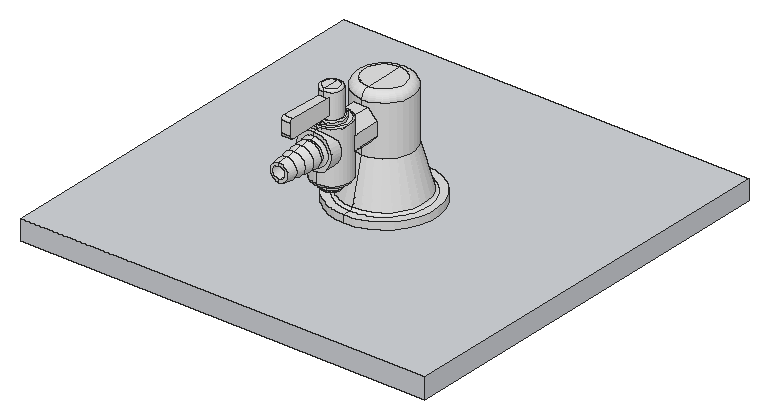
Revit family
Parameters (values of type "TG37C")
  WELSRating_ANZRS = ""
  URL = "www.galvinengineering.com.au"
  Type Comments = "Recommended Working Pressure 1 to 3 kPa (AS 5601)"
  TurretType = Straight Turret : Straight Turret
  StyleOrType_ANZRS = "Plumbing Fixture"
  PlumbingMaterial_ANZRS = Metal_Taps_DR-Brass-with-Chrome-Finish_10800
  Outlet = "Straight Turret"
  ModifiedIssue_ANZRS = 20120407.01  # constant formula
  Model = "TG37C"
  MinimumTemperature = 0 °C
  MinimumPressure = 0.00 kPa
  MaximumTemperature = 60 °C
  MaximumPressure = 7.00 kPa
  Manufacturer = "Galvin Engineering"
  Keynote = "10800"
  Instructions = "http://www.galvinengineering.com.au/Installation_Guides_1.aspx"
  Inlet = "15 BSP Male (15mm BSP female inlet available on request)"
  FlowRate = 0.023 m³/h
  FilterObject_ANZRS = "TG37"
  Description = "CP Lab 1-Way Straight Turret Type 37"
  Default Elevation = 900 mm
  CreatedBy_ANZRS = "Galvin Engineering"
  CreatedByURL_ANZRS = "www.galvinengineering.com.au"
  CreatedByPhoneNo_ANZRS = "61-8-92495900"
  Circulation_ANZRS = yes
  Assembly Code = "D2090100"
Types (5, lengths in mm): name | TurretType | PlumbingMaterial_ANZRS | Outlet | Model | Description
  (no name) | Straight Turret : Straight Turret | Metal_Taps_DR-Brass-with-Chrome-Finish_10800 | "Straight Turret" | "TG37C" | "CP Lab 1-Way Straight Turret Type 37"
  TG37C | Straight Turret : Straight Turret | Metal_Taps_DR-Brass-with-Chrome-Finish_10800 | "Straight Turret" | "TG37C" | "CP Lab 1-Way Straight Turret Type 37"
  TG37RAC | Right Angle Turret : Right Angle Turret | Metal_Taps_DR-Brass-with-Chrome-Finish_10800 | "Right Angle Turret" | "TG37RAC" | "CP Lab 1-Way Right Angle Turret Type 37"
  TG37E | Straight Turret : Straight Turret | Metal_Taps_DR-Brass-with-Epoxy-Coating_10800 | "Straight Turret" | "TG37E" | "Epoxy Coated Lab 1-Way Straight Turret Type 37"
  TG37RAE | Right Angle Turret : Right Angle Turret | Metal_Taps_DR-Brass-with-Epoxy-Coating_10800 | "Right Angle Turret" | "TG37RAE" | "Epoxy Coated Lab 1-Way Right Angle Turret Type 37"
Reference planes
  plane 1 "Center (Front/Back)": y = 0
  plane 2 "Face": z = 0
  plane 3 "Center (Left/Right)": x = 0
Forms (mm)
  Extrusion 1, solid
    sketch origin (0, -919.2, 0) x (1, 0, 0) y (0, 1, 0)
      loop
        line (-100, 1019.2) -> (-100, 819.2) -> (100, 819.2) -> (100, 1019.2) -> (-100, 1019.2)
    from 0 to -10
  Revolve 2, solid, material "Metal_Taps_DR-Brass-with-Chrome-Finish_10800" <- "PlumbingMaterial_ANZRS"
    sketch origin (0, 0, 0) x (0, -1, 0) y (0, 0, 1)
      loop
        line (-13.85, 25.5) -> (-19.692, 4.793)
        arc (-19.692, 4.793) -> (-20.23, 4.004) -> (-21.135, 3.7) r 1.5
        line (-21.135, 3.7) -> (-25, 3.7) -> (-25, 0) -> (0, 0) -> (0, 54) -> (-9.85, 54)
        arc (-9.85, 54) -> (-12.678, 52.828) -> (-13.85, 50) r 4
        line (-13.85, 50) -> (-13.85, 25.5)
      axis (0, 54) -> (0, 0)
    angle from 0 to 360
  Extrusion 3, solid, material "Metal_Taps_DR-Brass-with-Chrome-Finish_10800" <- "PlumbingMaterial_ANZRS"
    sketch origin (0, 0, 0) x (1, 0, 0) y (0, 0, 1)
      loop
        circle (0, 40.019) r 4.85
    from 11.787 to 14.646
Cuts and joins
  joined: Revolve 2, Extrusion 3
Lines and regions (mm)
  symbolic lines, style "Taps/Mixers"
    curve 1: arc (0, 21.135, 3.7) -> (0, 20.23, 4.004) -> (0, 19.692, 4.793) r 1.5
    curve 2: arc (0, -19.692, 4.793) -> (0, -20.23, 4.004) -> (0, -21.135, 3.7) r 1.5
    curve 3: arc (0, -13.85, 50) -> (0, -12.678, 52.828) -> (0, -9.85, 54) r 4
    curve 4: arc (0, 9.85, 54) -> (0, 12.678, 52.828) -> (0, 13.85, 50) r 4
    curve 5: line (0, -19.692, 4.793) -> (0, -13.85, 25.5)
    curve 6: line (0, -13.85, 25.5) -> (0, 13.85, 25.5)
    curve 7: line (0, 19.692, 4.793) -> (0, 13.85, 25.5)
    curve 8: line (0, -25, 3.7) -> (0, -25, 0)
    curve 9: line (0, 25, 0) -> (0, 25, 3.7)
    curve 10: line (0, 25, 3.7) -> (0, -25, 3.7)
    curve 11: line (0, 13.85, 25.5) -> (0, 13.85, 50)
    curve 12: line (0, -13.85, 25.5) -> (0, -13.85, 50)
    curve 13: line (0, 9.85, 54) -> (0, -9.85, 54)
    curve 14: line (0, -25, 0) -> (0, 25, 0)
    curve 15: arc (8, -18.581, 0) -> (0, 20.23, 0) -> (-8, -18.581, 0) r 20.23
    curve 16: circle (0, 0, 0) r 13.85 normal (0, 0, 1)
    curve 17: arc (8, -24.213, 0) -> (0, 25.5, 0) -> (-8, -24.213, 0) r 25.5
    curve 18: arc (-21.135, 0, 3.7) -> (-20.23, 0, 4.004) -> (-19.692, 0, 4.793) r 1.5
    curve 19: arc (19.692, 0, 4.793) -> (20.23, 0, 4.004) -> (21.135, 0, 3.7) r 1.5
    curve 20: arc (13.85, 0, 50) -> (12.678, 0, 52.828) -> (9.85, 0, 54) r 4
    curve 21: arc (-9.85, 0, 54) -> (-12.678, 0, 52.828) -> (-13.85, 0, 50) r 4
    curve 22: line (19.692, 0, 4.793) -> (13.85, 0, 25.5)
    curve 23: line (-19.692, 0, 4.793) -> (-13.85, 0, 25.5)
    curve 24: line (25, 0, 3.7) -> (25, 0, 0)
    curve 25: line (-25, 0, 0) -> (-25, 0, 3.7)
    curve 26: line (-25, 0, 3.7) -> (25, 0, 3.7)
    curve 27: line (-13.85, 0, 25.5) -> (-13.85, 0, 50)
    curve 28: line (13.85, 0, 25.5) -> (13.85, 0, 50)
    curve 29: line (-9.85, 0, 54) -> (-5.002, 0, 54)
    curve 30: line (25, 0, 0) -> (-25, 0, 0)
    curve 31: line (13.85, 0, 25.5) -> (9, 0, 25.5)
    curve 34: line (0, -14.646, 35.155) -> (0, -13.85, 35.155)
    curve 35: line (0, -13.85, 44.883) -> (0, -14.646, 44.883)
    curve 36: line (-4.85, -14.646, 0) -> (-4.85, -12.973, 0)
    curve 37: line (4.85, -14.646, 0) -> (4.85, -12.973, 0)
    curve 38: line (-9.01, 0, 25.5) -> (-13.85, 0, 25.5)
    curve 39: line (4.995, 0, 54) -> (9.85, 0, 54)
  symbolic lines, style "Taps/Mixers", detail levels fine
    curve 32: line (0, -13.85, 44.302) -> (0, -14.646, 44.883)
    curve 33: line (0, -14.646, 35.155) -> (0, -13.85, 35.736)
Dimensions and locks
  aligned and locked: plane 2 "Face" to Extrusion 1
  aligned and locked: level to Extrusion 1
Nested families
  nested 1: "Straight Turret" at (0, -14.65, 40), type <- "TurretType", type "Straight Turret"
Connectors
  piping at (0, 0, 0), driven by "FlowRate"
    settings: on cut or joined group of Revolve 2, Extrusion 3, index 1, connector radius 0.29528", flow factor 0, pipe flow 0.023 m³/h, pressure drop 0.00 kPa, fitting loss kfactor 0, connector angle 0.00°, fixture units 0, flow configuration 1, flow direction 1, fitting loss method 0, system type 22, connector reference index -1, connector utility 0, adjustable connector no, is connector primary yes, fitting loss table "", connector description "Gas"
Definition of nested family "Straight Turret"
  Parameters (values of type "X_StraightTurret")
    PlumbingMaterial_ANZRS = Metal_Taps_DR-Brass-with-Chrome-Finish_10800
    Assembly Code = ""
  Reference planes
    plane 1 "Center (Front/Back)": y = 0
    plane 2: z = 0
    plane 3 "Center (Left/Right)": x = 0
  Forms (mm)
    Revolve 1, solid, material "Metal_Taps_DR-Brass-with-Chrome-Finish_10800" <- "PlumbingMaterial_ANZRS"
      sketch origin (0, 14.646, -40.019) x (0, -1, 0) y (0, 0, 1)
        loop
          line (36.646, 65) -> (32.646, 65) -> (32.646, 24.019) -> (41.146, 24.019)
          arc (41.146, 24.019) -> (41.5, 24.165) -> (41.646, 24.519) r 0.5
          line (41.646, 24.519) -> (41.646, 50.019)
          arc (41.646, 50.019) -> (41.5, 50.372) -> (41.146, 50.519) r 0.5
          line (41.146, 50.519) -> (39.146, 50.519) -> (39.146, 51.519)
          arc (39.146, 51.519) -> (39, 51.872) -> (38.646, 52.019) r 0.5
          line (38.646, 52.019) -> (37.646, 52.019) -> (37.646, 64)
          arc (37.646, 64) -> (37.353, 64.707) -> (36.646, 65) r 1
        loop
          line (32.646, 19.519) -> (36.646, 19.519)
          arc (36.646, 19.519) -> (37, 19.665) -> (37.146, 20.019) r 0.5
          line (37.146, 20.019) -> (37.146, 21.269) -> (32.646, 21.269) -> (32.646, 19.519)
        axis (32.646, 65) -> (32.646, 19.519)
      angle from 0 to 360
    Extrusion 2, solid, material "Metal_Taps_DR-Brass-with-Chrome-Finish_10800" <- "PlumbingMaterial_ANZRS"
      sketch origin (0, 14.646, -96.882) x (1, 0, 0) y (0, 0, 1)
        loop
          line (-8, 93.568) -> (-3.314, 88.882) -> (3.314, 88.882) -> (8, 93.568) -> (8, 100.196) -> (3.314, 104.882) -> (-3.314, 104.882) -> (-8, 100.196) -> (-8, 93.568)
      from 14.646 to 32.646
    Extrusion 3, solid, material "Metal_Taps_DR-Brass-with-Chrome-Finish_10800" <- "PlumbingMaterial_ANZRS"
      sketch origin (0, 95.559, -40.019) x (0, -1, 0) y (1, 0, 0)
        loop
          line (111.178, -5.75) -> (115.941, -5.75) -> (119.309, -2.382) -> (119.309, 2.382) -> (115.941, 5.75) -> (111.178, 5.75) -> (107.809, 2.382) -> (107.809, -2.382) -> (111.178, -5.75)
      from 21.269 to 24.019
    Revolve 4, solid, material "Metal_Taps_DR-Brass-with-Chrome-Finish_10800" <- "PlumbingMaterial_ANZRS"
      sketch origin (0, 14.646, -40.019) x (0, -1, 0) y (0, 0, 1)
        loop
          line (43.5, 48.769) -> (37.728, 48.769) -> (37.728, 40.019) -> (47, 40.019) -> (47, 43.019) -> (65, 43.019) -> (65, 44.319) -> (60.5, 45.019) -> (60.5, 44.219) -> (56, 45.519) -> (56, 44.719) -> (51.5, 46.019) -> (51.5, 45.219) -> (47, 46.219) -> (47, 45.419) -> (45, 45.419)
          arc (45, 45.419) -> (43.939, 45.858) -> (43.5, 46.919) r 1.5
          line (43.5, 46.919) -> (43.5, 48.769)
        axis (65, 40.019) -> (37.728, 40.019)
      angle from 0 to 360
    Extrusion 5, solid, material "Metal_Taps_DR-Brass-with-Chrome-Finish_10800" <- "PlumbingMaterial_ANZRS"
      sketch origin (0, 14.646, -40.019) x (0, -1, 0) y (0, 0, 1)
        loop
          line (32.646, 61.44) -> (32.646, 54.079) -> (59.103, 53.313)
          arc (59.103, 53.313) -> (60.191, 53.737) -> (60.646, 54.813) r 1.5
          line (60.646, 54.813) -> (60.646, 60.706)
          arc (60.646, 60.706) -> (60.191, 61.782) -> (59.103, 62.205) r 1.5
          line (59.103, 62.205) -> (32.646, 61.44)
      from -2.248 to 2.252
  Cuts and joins
    joined: Revolve 1, Extrusion 2, Revolve 4, Extrusion 5
  Lines and regions (mm)
    symbolic lines, style "Taps/Mixers"
      curve 1: arc (0, -14, 24.981) -> (0, -13.293, 24.688) -> (0, -13, 23.981) r 1
      curve 2: arc (0, -13.5, -20) -> (0, -13.646, -20.354) -> (0, -14, -20.5) r 0.5
      curve 3: arc (0, -12.25, -18.25) -> (0, -13.875, -18.75) -> (0, -15.5, -18.25) r 2.89
      curve 4: arc (0, -9, 8) -> (0, -10.372, 5.365) -> (0, -12.457, 3.25) r 10
      curve 5: arc (0, -12.75, -15.5) -> (0, -12.896, -15.854) -> (0, -13.25, -16) r 0.5
      curve 6: arc (0, -9, -10.5) -> (0, -9.146, -10.854) -> (0, -9.5, -11) r 0.5
      curve 7: arc (0, -12.442, -3.239) -> (0, -10.363, -5.361) -> (0, -9, -8) r 10
      curve 8: arc (0, -12.75, -11.5) -> (0, -12.604, -11.146) -> (0, -12.25, -11) r 0.5
      curve 9: arc (0, -9.5, 10.5) -> (0, -9.146, 10.354) -> (0, -9, 10) r 0.5
      curve 10: arc (0, -12, 12) -> (0, -11.646, 11.854) -> (0, -11.5, 11.5) r 0.5
      curve 11: arc (0, -27, 8.75) -> (0, -23.082, 0) -> (0, -27, -8.75) r 11.73
      curve 12: arc (0, -22, -20.5) -> (0, -22.354, -20.354) -> (0, -22.5, -20) r 0.5
      curve 13: arc (0, -20.5, -18.25) -> (0, -22.125, -18.75) -> (0, -23.75, -18.25) r 2.89
      curve 14: arc (0, -15.5, -18.25) -> (0, -18, -18.75) -> (0, -20.5, -18.25) r 6.5
      curve 15: arc (0, -26.5, -16) -> (0, -26.854, -15.854) -> (0, -27, -15.5) r 0.5
      curve 16: arc (0, -30.354, -5.6) -> (0, -29.293, -6.039) -> (0, -28.854, -7.1) r 1.5
      curve 17: arc (0, -28.354, -8.75) -> (0, -28.707, -8.604) -> (0, -28.854, -8.25) r 0.5
      curve 18: arc (0, -23, 23.981) -> (0, -22.707, 24.688) -> (0, -22, 24.981) r 1
      curve 19: arc (0, -27, 10) -> (0, -26.854, 10.354) -> (0, -26.5, 10.5) r 0.5
      curve 20: arc (0, -24.5, 11.5) -> (0, -24.354, 11.854) -> (0, -24, 12) r 0.5
      curve 21: arc (0, -28.854, 7.1) -> (0, -29.293, 6.039) -> (0, -30.354, 5.6) r 1.5
      curve 22: arc (0, -44.457, 13.295) -> (0, -45.545, 13.718) -> (0, -46, 14.794) r 1.5
      curve 23: arc (0, -46, 20.687) -> (0, -45.545, 21.763) -> (0, -44.457, 22.187) r 1.5
      curve 24: line (0, -9, 10) -> (0, -9, 8)
      curve 25: line (0, -9, 8) -> (0, 0, 8)
      curve 26: line (0, 0, 8) -> (0, 0, -8)
      curve 27: line (0, 0, -8) -> (0, -9, -8)
      curve 28: line (0, -9, -10.5) -> (0, -9, -8)
      curve 29: line (0, 0, -3.25) -> (0, -12.457, -3.25)
      curve 30: line (0, -12.457, -3.25) -> (0, -12.457, 3.25)
      curve 31: line (0, -12.457, 3.25) -> (0, 0, 3.25)
      curve 32: line (0, -45.854, 5) -> (0, -45.854, -5)
      curve 33: line (0, -45.854, -5) -> (0, -50.354, -4.338)
      curve 34: line (0, -45.854, 5) -> (0, -50.354, 4.3)
      curve 35: line (0, -50.354, 4.3) -> (0, -50.354, -4.338)
      curve 36: line (0, -9.5, 10.5) -> (0, -26.5, 10.5)
      curve 37: line (0, -12, 12) -> (0, -24, 12)
      curve 38: line (0, -13.5, -18.75) -> (0, -22.5, -18.75)
      curve 39: line (0, -22.5, -18.75) -> (0, -22.5, -20)
      curve 40: line (0, -26.5, -16) -> (0, -13.25, -16)
      curve 41: line (0, -12.75, -15.5) -> (0, -12.75, -11.5)
      curve 42: line (0, -12.25, -14.5) -> (0, -12.25, -18.25)
      curve 43: line (0, -13.5, -20) -> (0, -13.5, -18.75)
      curve 44: line (0, -12.25, -11) -> (0, -9.5, -11)
      curve 45: line (0, -13, 23.981) -> (0, -13, 12)
      curve 46: line (0, -11.5, 11.5) -> (0, -11.5, 10.5)
      curve 47: line (0, -23, 13.915) -> (0, -44.457, 13.295)
      curve 48: line (0, -23, 21.566) -> (0, -44.457, 22.187)
      curve 49: line (0, -32.354, 5.6) -> (0, -30.354, 5.6)
      curve 50: line (0, -32.354, -5.6) -> (0, -30.354, -5.6)
      curve 51: line (0, -28.854, 8.25) -> (0, -28.854, -8.25)
      curve 52: line (0, -22, -20.5) -> (0, -14, -20.5)
      curve 53: line (0, -15.5, -18.25) -> (0, -15.5, -16)
      curve 54: line (0, -20.5, -16) -> (0, -20.5, -18.25)
      curve 55: line (0, -28.354, -8.75) -> (0, -27, -8.75)
      curve 56: line (0, -27, -8.75) -> (0, -27, -15.5)
      curve 57: line (0, -23.75, -18.25) -> (0, -23.75, -16)
      curve 58: line (0, -14, 24.981) -> (0, -22, 24.981)
      curve 59: line (0, -23, 23.981) -> (0, -23, 12)
      curve 60: line (0, -24.5, 11.5) -> (0, -24.5, 10.5)
      curve 61: line (0, -27, 10) -> (0, -27, 8.75)
      curve 62: line (0, -27, 8.75) -> (0, -28.354, 8.75)
      curve 63: line (0, -36.854, -6) -> (0, -36.854, 6)
      curve 64: line (0, -36.854, 6) -> (0, -41.354, 5)
      curve 65: line (0, -41.354, -5.5) -> (0, -41.354, 5.5)
      curve 66: line (0, -41.354, 5.5) -> (0, -45.854, 4.5)
      curve 67: line (0, -32.354, 6.2) -> (0, -32.354, -6.2)
      curve 68: line (0, -32.354, -6.2) -> (0, -36.854, -5.2)
      curve 69: line (0, -41.354, -5) -> (0, -36.854, -6)
      curve 70: line (0, -45.854, -4.5) -> (0, -41.354, -5.5)
      curve 71: line (0, -36.854, 5.2) -> (0, -32.354, 6.2)
      curve 72: line (0, -46, 20.687) -> (0, -46, 14.794)
      curve 73: arc (0, -28.354, 8.75) -> (0, -28.707, 8.604) -> (0, -28.854, 8.25) r 0.5
      curve 74: line (0, -12.25, -14.5) -> (0, -12.75, -14.5)
      curve 75: arc (-5.602, -30.354, 0) -> (-5.989, -29.459, 0) -> (-6.752, -28.854, 0) r 2
      curve 76: arc (2.25, -26.714, 0) -> (0, -9, 0) -> (-2.25, -26.714, 0) r 9
      curve 77: circle (-0.002, -18, 0) r 5 normal (0, 0, 1)
      curve 79: arc (6.748, -28.854, 0) -> (5.984, -29.459, 0) -> (5.598, -30.354, 0) r 2
      curve 80: arc (1.25, -46.02, 0) -> (1.957, -45.727, 0) -> (2.25, -45.02, 0) r 1
      curve 81: arc (-2.25, -45.02, 0) -> (-1.957, -45.727, 0) -> (-1.25, -46.02, 0) r 1
      curve 82: line (-2.25, -28.854, 0) -> (-6.752, -28.854, 0)
      curve 83: line (-6.752, -28.854, 0) -> (-6.752, -23.95, 0)
      curve 84: line (-8, -13.877, 0) -> (-8, 0, 0)
      curve 85: line (-8, 0, 0) -> (8, 0, 0)
      curve 86: line (8, 0, 0) -> (8, -13.877, 0)
      curve 87: line (-2.25, -32.354, 0) -> (-6.202, -32.354, 0)
      curve 88: line (-6.202, -32.354, 0) -> (-5.202, -36.854, 0)
      curve 89: line (2.25, -32.354, 0) -> (6.198, -32.354, 0)
      curve 90: line (6.198, -32.354, 0) -> (5.198, -36.854, 0)
      curve 91: line (2.25, -45.02, 0) -> (2.25, -22.464, 0)
      curve 92: line (-2.25, -45.02, 0) -> (-2.25, -22.466, 0)
      curve 93: line (-3.25, -9.607, 0) -> (-3.25, 0, 0)
      curve 94: line (3.25, -9.607, 0) -> (3.25, 0, 0)
      curve 95: line (-5.602, -30.354, 0) -> (-5.602, -32.354, 0)
      curve 96: line (6.748, -23.956, 0) -> (6.748, -28.854, 0)
      curve 97: line (6.748, -28.854, 0) -> (2.25, -28.854, 0)
      curve 98: line (5.598, -30.354, 0) -> (5.598, -32.354, 0)
      curve 99: line (-2.25, -36.854, 0) -> (-6.002, -36.854, 0)
      curve 100: line (-6.002, -36.854, 0) -> (-5.002, -41.354, 0)
      curve 101: line (-2.25, -41.354, 0) -> (-5.502, -41.354, 0)
      curve 102: line (-5.502, -41.354, 0) -> (-4.502, -45.854, 0)
      curve 103: line (-1.25, -46.02, 0) -> (1.25, -46.02, 0)
      curve 104: line (2.25, -36.854, 0) -> (5.998, -36.854, 0)
      curve 105: line (5.998, -36.854, 0) -> (4.998, -41.354, 0)
      curve 106: line (2.25, -41.354, 0) -> (5.498, -41.354, 0)
      curve 107: line (5.498, -41.354, 0) -> (4.498, -45.854, 0)
      curve 108: line (-5.002, -45.854, 0) -> (4.998, -45.854, 0)
      curve 109: line (4.998, -45.854, 0) -> (4.367, -49.909, 0)
      curve 110: line (3.848, -50.354, 0) -> (-3.872, -50.354, 0)
      curve 111: line (-4.368, -49.929, 0) -> (-5.002, -45.854, 0)
      curve 112: arc (-3.872, -50.354, 0) -> (-4.199, -50.233, 0) -> (-4.368, -49.929, 0) r 0.502
      curve 113: arc (4.367, -49.909, 0) -> (4.189, -50.228, 0) -> (3.848, -50.354, 0) r 0.525
      curve 114: arc (-4, 0, 25) -> (-4.707, 0, 24.707) -> (-5, 0, 24) r 1
      curve 115: arc (-4.5, 0, -19.981) -> (-4.354, 0, -20.335) -> (-4, 0, -20.481) r 0.5
      curve 116: arc (-5.75, 0, -18.231) -> (-4.125, 0, -18.731) -> (-2.5, 0, -18.231) r 2.89
      curve 117: arc (-8.5, 0, 10.519) -> (-8.854, 0, 10.372) -> (-9, 0, 10.019) r 0.5
      curve 118: arc (-6, 0, 12.019) -> (-6.354, 0, 11.872) -> (-6.5, 0, 11.519) r 0.5
      curve 119: arc (4, 0, -20.481) -> (4.354, 0, -20.335) -> (4.5, 0, -19.981) r 0.5
      curve 120: arc (2.5, 0, -18.231) -> (4.125, 0, -18.731) -> (5.75, 0, -18.231) r 2.89
      curve 121: arc (-2.5, 0, -18.231) -> (0, 0, -18.731) -> (2.5, 0, -18.231) r 6.5
      curve 122: arc (8.5, 0, -15.981) -> (8.854, 0, -15.835) -> (9, 0, -15.481) r 0.5
      curve 123: arc (5, 0, 24) -> (4.707, 0, 24.707) -> (4, 0, 25) r 1
      curve 124: arc (9, 0, 10.019) -> (8.854, 0, 10.372) -> (8.5, 0, 10.519) r 0.5
      curve 125: arc (6.5, 0, 11.519) -> (6.354, 0, 11.872) -> (6, 0, 12.019) r 0.5
      curve 126: line (-9, 0, -15.481) -> (-9, 0, 10.019)
      curve 127: line (-8.5, 0, 10.519) -> (8.5, 0, 10.519)
      curve 128: line (-6, 0, 12.019) -> (6, 0, 12.019)
      curve 129: line (-4.5, 0, -18.731) -> (4.5, 0, -18.731)
      curve 130: line (4.5, 0, -18.731) -> (4.5, 0, -19.981)
      curve 131: line (8.5, 0, -15.981) -> (-8.5, 0, -15.981)
      curve 132: line (-5.75, 0, -15.981) -> (-5.75, 0, -18.231)
      curve 133: line (-4.5, 0, -19.981) -> (-4.5, 0, -18.731)
      curve 134: line (-5, 0, 24) -> (-5, 0, 12.019)
      curve 135: line (-6.5, 0, 11.519) -> (-6.5, 0, 10.519)
      curve 136: line (4, 0, -20.481) -> (-4, 0, -20.481)
      curve 137: line (-2.5, 0, -18.231) -> (-2.5, 0, -15.981)
      curve 138: line (2.5, 0, -15.981) -> (2.5, 0, -18.231)
      curve 139: line (9, 0, 10.019) -> (9, 0, -15.481)
      curve 140: line (5.75, 0, -18.231) -> (5.75, 0, -15.981)
      curve 141: line (-4, 0, 25) -> (4, 0, 25)
      curve 142: line (5, 0, 24) -> (5, 0, 12.019)
      curve 143: line (6.5, 0, 11.519) -> (6.5, 0, 10.519)
      curve 144: arc (-8.5, 0, -15.981) -> (-8.854, 0, -15.835) -> (-9, 0, -15.481) r 0.5
      curve 145: line (-2.252, 0, 23.206) -> (-2.252, 0, 13.813)
      curve 146: line (2.248, 0, 13.813) -> (2.248, 0, 23.206)
      curve 147: line (-1.752, 0, 23.706) -> (1.748, 0, 23.706)
      curve 148: line (-1.752, 0, 13.313) -> (1.748, 0, 13.313)
      curve 149: circle (0, 0, 0) r 4.319 normal (0, -1, 0)
      curve 150: circle (0, 0, 0.019) r 8.763 normal (0, -1, 0)
      curve 151: circle (0, 0, 0.019) r 7.1 normal (0, -1, 0)
      curve 152: circle (0, 0, 0) r 3.3 normal (0, -1, 0)
      curve 153: arc (-1.752, 0, 23.706) -> (-2.106, 0, 23.56) -> (-2.252, 0, 23.206) r 0.5
      curve 154: arc (1.748, 0, 23.706) -> (2.101, 0, 23.56) -> (2.248, 0, 23.206) r 0.5
      curve 155: arc (-2.252, 0, 13.813) -> (-2.106, 0, 13.459) -> (-1.752, 0, 13.313) r 0.5
      curve 156: arc (1.748, 0, 13.313) -> (2.101, 0, 13.459) -> (2.248, 0, 13.813) r 0.5
    symbolic lines, style "Taps/Mixers", detail levels medium+fine
      curve 78: arc (2.25, -24.098, 0) -> (0, -11.5, 0) -> (-2.25, -24.098, 0) r 6.5
  Dimensions and locks
    aligned and locked: plane 2 to level
